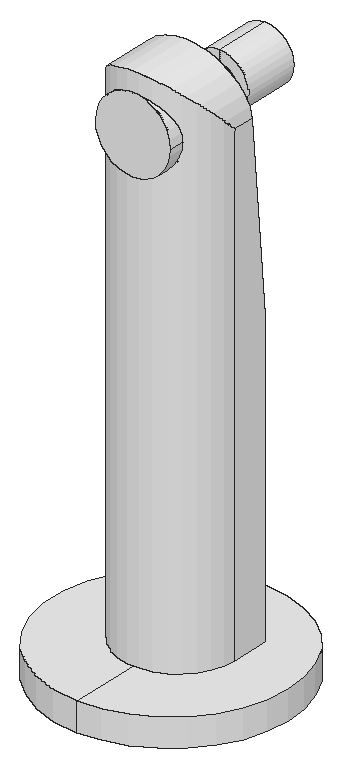
Revit family "Tub_Spout-Diverter-Grohe-13285002", category Plumbing Fixtures, host Face, Revit 2018
Family settings
  Host = Face
  Round Connector Dimension = Use Diameter
  Part Type = Normal
  OmniClass Number = 23.45.05.14.21.11
  OmniClass Title = Bath/Shower Units
  Cut with Voids When Loaded = No
  Shared = Yes
  Room Calculation Point = No
Parameters (values of type "13285002")
  Width = 3 1/8"
  Waste Connection = no
  Warranty Information = "Lifetime Limited Warranty"  # constant formula
  WFU = 4  # constant formula
  Vent Connection = no
  URL = "https://www.grohe.us/"
  Type Comments = ""
  Tempered Water Connection Diameter = 1" / 2  # 1/2"
  Region = "North America"  # constant formula
  Product Page URL = "https://www.grohe.us/Tub-Fillers/Diverter-Tub-Spout/GROHE-CHROME-13285002"
  Product Documentation Link = "https://americanstandard.box.com/shared/static/q3kbs8cf2v7klhcai9w45o4svoao1wtg.pdf"
  Price = "Prices may vary. Please consult Manufacturer Representative for most up-to-date price list."  # constant formula
  Model = "13285002"
  Material = "Metal-Grohe-002-Starlight Chrome"
  Manufacturer = "Grohe"  # constant formula
  Length = 6 11/16"
  Installation Type = "Wall Mounted"  # constant formula
  Height = 3 1/8"
  HWFU = 3  # constant formula
  HW Connection = yes
  Description = "EUROSTYLE COSMOPOLITAN Tub Spout"  # constant formula
  Default Elevation = 0"
  Creation Date = "03/30/2021"  # constant formula
  CWFU = 3  # constant formula
  CW Connection = yes
  Body Material = Metal-Grohe-002-Starlight Chrome
  Assembly Code = "D2090800"
Reference planes (in)
  plane 1 "Center (Front/Back)": y = 0
  plane 2: z = 0
  plane 3 "Center (Left/Right)": x = 0
  plane 4: y = 1.5625
  plane 5: y = -1.5625
  plane 6: z = 6.6875
  plane 7: z = 0.375
  plane 8: y = 0.8125
  plane 9: y = -0.625
  plane 10: x = 0.75
  plane 11: x = -0.75
  plane 12: z = 7.6875
  plane 13: x = 1.5625
  plane 14: x = -1.5625
Forms (in)
  Revolve 1, solid, material "Metal-Grohe-002-Starlight Chrome" <- "Body Material"
    sketch origin (0, 0, 0) x (0, 1, 0) y (0, 0, 1)
      loop
        line (0, 0) -> (0, 0.375) -> (-1.5625, 0.375) -> (-1.5625, 0) -> (0, 0)
      axis (0, 0) -> (0, 0.375)
    angle from 0 to 360
  Extrusion 2, solid, material "Metal-Grohe-002-Starlight Chrome" <- "Body Material"
    sketch origin (0, 0, 0) x (1, 0, 0) y (0, 1, 0)
      loop
        line (-0.75, 0.8125) -> (-0.75, 0.125)
        arc (-0.75, 0.125) -> (0, -0.625) -> (0.75, 0.125) r 0.75
        line (0.75, 0.125) -> (0.75, 0.8125) -> (-0.75, 0.8125)
    from 0.375 to 7.6875
  Extrusion 3, void
    sketch origin (0, 0, 0) x (0, 1, 0) y (0, 0, 1)
      loop
        line (0.625, 0.375) -> (1.5625, 0.375) -> (1.5625, 7.6875) -> (0.1875, 7.6875)
        arc (0.1875, 7.6875) -> (0.51519, 5.98211) -> (0.625, 4.249) r 13.73117
        line (0.625, 4.249) -> (0.625, 0.375)
    from -1.30538 to 1.26617
  Extrusion 4, void
    sketch origin (0, 0, 0) x (1, 0, 0) y (0, 0, 1)
      loop
        arc (-0.75, 6.6875) -> (0, 7.4375) -> (0.75, 6.6875) r 0.75
        line (0.75, 6.6875) -> (1.75, 6.6875) -> (1.75, 7.6875) -> (-1.75, 7.6875) -> (-1.75, 6.6875) -> (-0.75, 6.6875)
    from -1.87099 to 12
  Extrusion 5, solid, material "Metal-Grohe-002-Starlight Chrome" <- "Body Material"
    sketch origin (0, 0, 0) x (1, 0, 0) y (0, 0, 1)
      loop
        circle (0, 6.6875) r 0.5
    from 0 to 0.625
  Revolve 6, solid, material "Metal-Grohe-002-Starlight Chrome" <- "Body Material"
    sketch origin (0, 0, 0) x (0, 1, 0) y (0, 0, 1)
      loop
        line (1.5625, 6.6875) -> (0, 6.6875) -> (0, 6.4702) -> (0.8125, 6.4702) -> (0.8125, 6.31195) -> (1.5625, 6.31195) -> (1.5625, 6.6875)
      axis (0, 6.6875) -> (1.5625, 6.6875)
    angle from 0 to 360
  Extrusion 7, solid
    sketch origin (0, 0, 0) x (1, 0, 0) y (0, 1, 0)
      loop
        circle (0, 0) r 0.25
    from -0.0625 to 0
Cuts and joins
  Extrusion 3 cuts Revolve 1
  Extrusion 3, Extrusion 4 cuts Extrusion 2
Lines and regions (in)
  Masking region 1
    outline origin (0, 0, 0) x (1, 0, 0) y (0, 0, 1)
      loop
        line (1.5625, 0) -> (1.5625, 0.375) -> (0.75, 0.375) -> (0.75, 6.6875)
        arc (0.75, 6.6875) -> (0, 7.4375) -> (-0.75, 6.6875) r 0.75
        line (-0.75, 6.6875) -> (-0.75, 0.375) -> (-1.5625, 0.375) -> (-1.5625, 0) -> (1.5625, 0)
  symbolic lines, detail levels fine
    curve 1: line (0.75, 0, 0.375) -> (-0.75, 0, 0.375)
    curve 3: circle (0, 0, 6.6875) r 0.37555 normal (0, 1, 0)
  symbolic lines, detail levels medium+fine
    curve 2: circle (0, 0, 6.6875) r 0.5 normal (0, -1, 0)
Dimensions and locks (in)
  "Length": host face to plane 6
  locked: plane 7 to host face at 0.375
  plane 1 "Center (Front/Back)" to plane 8 = 13/16"
  plane 9 to plane 1 "Center (Front/Back)" = 5/8"
  "Height": plane 5 to plane 4
  "Width": plane 14 to plane 13
  aligned and locked: plane 2 to host face
  aligned and locked: level to host face
  aligned and locked: plane 5 to Revolve 1 sketch curve
  aligned and locked: Revolve 1 sketch curve to plane 1 "Center (Front/Back)"
  aligned and locked: Revolve 1 sketch curve to host face
  aligned and locked: plane 7 to Revolve 1 sketch curve
  aligned and locked: plane 12 to Extrusion 2
  aligned and locked: Extrusion 2 to plane 8
  aligned and locked: Revolve 1 to Extrusion 3
  aligned and locked: Extrusion 5 to plane 1 "Center (Front/Back)"
  aligned and locked: plane 9 to Extrusion 5
  aligned and locked: Extrusion 3 to Extrusion 2
  aligned and locked: plane 11 to Masking region 1 sketch curve
  aligned and locked: Masking region 1 sketch curve to plane 10
  aligned and locked: Masking region 1 sketch curve to cut or joined group of Extrusion 2, Extrusion 3, Extrusion 4
  aligned and locked: Masking region 1 sketch curve to plane 7
  aligned and locked: Masking region 1 sketch curve to host face
  aligned and locked: plane 7 to Masking region 1 sketch curve
  aligned and locked: cut or joined group of Revolve 1, Extrusion 3 to plane 7
  aligned and locked: Revolve 6 sketch curve to plane 6
  aligned and locked: Revolve 6 sketch curve to plane 4
  aligned and locked: plane 8 to Revolve 6 sketch curve
  aligned and locked: plane 1 "Center (Front/Back)" to Revolve 6 sketch curve
  aligned and locked: curve 2 to Extrusion 5
  aligned and locked: curve 3 to Revolve 6
Automatic sketch dimensions
  host sketch curve to host sketch curve = 96"  (x2)
  Revolve 1 sketch curve to plane 1 "Center (Front/Back)" = 0"
  plane 7 to Revolve 1 sketch curve = 0.26012"
  Revolve 1 sketch curve to Revolve 1 sketch curve = 0.37327"
  Extrusion 2 sketch curve to plane 11 = 0"
  Extrusion 2 sketch curve to plane 3 "Center (Left/Right)" = 0"
  plane 8 to Extrusion 2 sketch curve = 0"
  Extrusion 2 sketch curve to plane 1 "Center (Front/Back)" = 1/8"
  Extrusion 3 sketch curve to plane 12 = 0"
  plane 7 to Extrusion 3 sketch curve = 0"
  Extrusion 3 sketch curve to plane 4 = 0"
  plane 8 to Extrusion 3 sketch curve = 3/16"
  Extrusion 3 sketch curve to plane 1 "Center (Front/Back)" = 3/16"
  plane 6 to Extrusion 3 sketch curve = 2.4385"
  Extrusion 4 sketch curve to plane 12 = 0"
  Extrusion 4 sketch curve to plane 6 = 0"
  plane 11 to Extrusion 4 sketch curve = 0"
  Extrusion 4 sketch curve to plane 3 "Center (Left/Right)" = 0"
  Extrusion 4 sketch curve to plane 14 = 3/16"
  plane 13 to Extrusion 4 sketch curve = 3/16"
  Extrusion 5 sketch curve to plane 3 "Center (Left/Right)" = 0"
  Extrusion 5 sketch curve to plane 6 = 0"
  Masking region 1 sketch curve to plane 14 = 0"
  Masking region 1 sketch curve to plane 13 = 0"
  plane 6 to Revolve 6 sketch curve = 0"
  plane 6 to Revolve 6 sketch curve = 0.2173"
  Revolve 6 sketch curve to Revolve 6 sketch curve = 0.15825"
  Revolve 6 sketch curve to plane 4 = 0.59126"
  Revolve 6 sketch curve to Revolve 6 sketch curve = 0.62668"
  plane 1 "Center (Front/Back)" to Extrusion 7 sketch curve = 0"
  Extrusion 7 sketch curve to plane 3 "Center (Left/Right)" = 0"
  curve 1 to plane 7 = 0"
  plane 11 to curve 1 = 0"
  curve 1 to plane 10 = 0"
  radius of Extrusion 5 sketch curve = 1/2"
  radius of Extrusion 7 sketch curve = 1/4"
Connectors (in)
  piping at (0, 0, -0.0625), diameter 0.5, driven by "Tempered Water Connection Diameter"
    settings: on Extrusion 7, index 1, connector inside diameter 24", connector length 0", flow factor 0, pipe flow 0 GPM, pressure drop 0.00 psi, fitting loss kfactor 0, connector angle 0.00°, fixture units 0, engagement length 0", angle of deflection 0.00°, flow configuration 0, flow direction 1, fitting loss method 0, system type 29, joint type 0, gender type 0, connector reference index -1, connector utility 0, adjustable connector no, is connector primary yes, connector description "1/2\" NPT Female thread"
